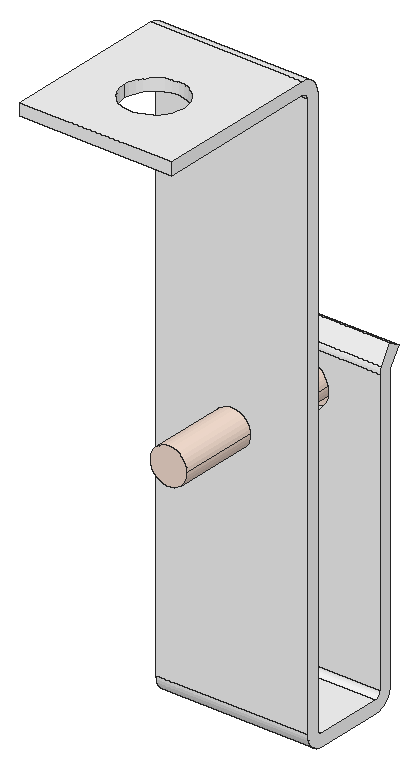
Revit family "C-38ビス付ハンガー(外折れ)", category 機械設備, Revit 2020
Family settings
  丸型コネクタ寸法 = 直径を使用
  種別 = なし
  パーツ タイプ = 標準
  作業面ベース = いいえ
  常に垂直 = はい
  ロード時にボイドで切り取り = いいえ
  共有 = いいえ
  部屋計算ポイント = いいえ
Parameters
  製造元 = "株式会社桐井製作所"
  既定の高さ = 0 mm
  URL = "https://www.kirii.co.jp/"
  K_材質 = "SGHC　一般用"
  K_品名 = "C-38ビス付ハンガー(外折れ)"
  K_名称 = "その他ハンガー"
  K_入数 = "200"
  K_バージョン情報 = "20211012"
  K_めっき付着量 = "Z12"
  K_JIS規格 = "JIS G 3302"
Reference planes
  plane 1 "中心(正面/背面)": y = 0
  plane 2: z = 0
  plane 3 "中心(左/右)": x = 0
  plane 4: x = 12.5
  plane 5: x = -12.5
Forms (mm)
  Extrusion 1, solid
    sketch origin (2.5, 0, 0) x (0, 1, 0) y (0, 0, 1)
      loop
        line (0, 1) -> (0, 95)
        arc (0, 95) -> (-0.879, 97.121) -> (-3, 98) r 3
        line (-3, 98) -> (-30, 98) -> (-30, 96) -> (-3, 96)
        arc (-3, 96) -> (-2.293, 95.707) -> (-2, 95) r 1
        line (-2, 95) -> (-2, 1)
        arc (-2, 1) -> (-1.121, -1.121) -> (1, -2) r 3
        line (1, -2) -> (12, -2)
        arc (12, -2) -> (14.121, -1.121) -> (15, 1) r 3
        line (15, 1) -> (15, 47.7) -> (16.701, 50.447) -> (15, 51.5) -> (13.299, 48.753)
        arc (13.299, 48.753) -> (13.076, 48.247) -> (13, 47.7) r 2
        line (13, 47.7) -> (13, 1)
        arc (13, 1) -> (12.707, 0.293) -> (12, 0) r 1
        line (12, 0) -> (1, 0)
        arc (1, 0) -> (0.293, 0.293) -> (0, 1) r 1
    from -15 to 10
  Extrusion 2, void
    sketch origin (0, 18.167, -59.485) x (1, 0, 0) y (0, 1, 0)
      loop
        circle (0, -36.166) r 5
    from 155.485 to 157.485
  Extrusion 3, void
    sketch origin (0, 0, 0) x (1, 0, 0) y (0, 0, 1)
      loop
        circle (0, 42.1) r 4
    from -15 to -13
  Extrusion 4, void
    sketch origin (0, 0, 0) x (1, 0, 0) y (0, 0, 1)
      loop
        circle (0.011, 42.056) r 3
    from 0 to 2
Cuts and joins
  Extrusion 2, Extrusion 3, Extrusion 4 cuts Extrusion 1
Dimensions and locks
  aligned and locked: level to plane 2
Nested families
  nested 1: "M6×30ボルト" at (0, 15, 42.256) x (-1, 0, 0) z (0, 0, 1), type "M6×30ボルト"
Definition of nested family "M6×30ボルト"
  Parameters (values of type "M6×30ボルト")
    Manufacturer = "株式会社桐井製作所"
    Default Elevation = 0 mm
    URL = "https://www.kirii.co.jp/"
    K_名称 = "M6×30ボルト"
  Reference planes
    plane 1 "中心(正面/背面)": y = 0
    plane 2: z = 0
    plane 3 "中心(左/右)": x = 0
    plane 4 "正面": y = -4
  Forms (mm)
    Extrusion 1, solid
      sketch origin (0, 0, 0) x (1, 0, 0) y (0, 0, 1)
        loop
          line (-4.763, -2.946) -> (0, -5.696) -> (4.763, -2.946) -> (4.763, 2.554) -> (0, 5.304) -> (-4.763, 2.554) -> (-4.763, -2.946)
      from 0 to 4
    Extrusion 2, void
      sketch origin (0, -4, 0) x (-1, 0, 0) y (0, 0, 1)
        loop
          circle (0, -0.156) r 4.396
      from 0 to 1
    Extrusion 3, void
      sketch origin (0, -4, 0) x (-1, 0, 0) y (0, 0, 1)
        loop
          arc (-0.6, 1.814) -> (-1.069, 0.856) -> (-2.036, 0.404) r 1.605
          line (-2.036, 0.404) -> (-2.939, 0.404)
          arc (-2.939, 0.404) -> (-3, -0.195) -> (-2.94, -0.795) r 3
          line (-2.94, -0.795) -> (-2.049, -0.795)
          arc (-2.049, -0.795) -> (-1.074, -1.243) -> (-0.6, -2.206) r 1.605
          line (-0.6, -2.206) -> (-0.6, -3.135)
          arc (-0.6, -3.135) -> (0, -3.196) -> (0.6, -3.135) r 3
          line (0.6, -3.135) -> (0.6, -2.206)
          arc (0.6, -2.206) -> (1.074, -1.243) -> (2.049, -0.795) r 1.605
          line (2.049, -0.795) -> (2.94, -0.795)
          arc (2.94, -0.795) -> (3, -0.198) -> (2.941, 0.398) r 3
          line (2.941, 0.398) -> (2.117, 0.398)
          arc (2.117, 0.398) -> (1.098, 0.828) -> (0.6, 1.814) r 1.605
          line (0.6, 1.814) -> (0.6, 2.743)
          arc (0.6, 2.743) -> (0, 2.804) -> (-0.6, 2.743) r 3
          line (-0.6, 2.743) -> (-0.6, 1.814)
      from 0 to 2
    Extrusion 4, solid
      sketch origin (0, 0, 0) x (1, 0, 0) y (0, 0, 1)
        loop
          circle (-0.011, -0.2) r 3
      from 0 to -30
  Cuts and joins
    Extrusion 2, Extrusion 3 cuts Extrusion 1
    joined: Extrusion 1, Extrusion 4
  Dimensions and locks
    aligned and locked: level to plane 2
